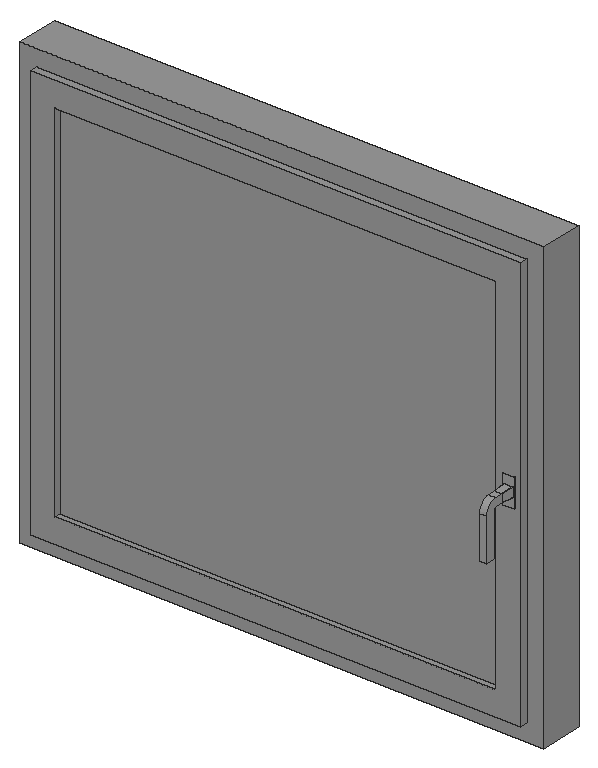
Revit family "Lian - Firestop", category Windows, host Wall, Revit 2017
Family settings
  Host = Wall
  Always vertical = Yes
  Cut with Voids When Loaded = No
  Shared = No
  Room Calculation Point = No
Parameters
  hosted on bimbear.com® = "www.bimbear.com"
  Width = [02.5 - Window Width]  # 1400 mm
  URL = "http://www.lian.no/"
  Type Image = <None>
  Type Comments = "Wood - Aluminium"
  Rough Width = [02 - Opening Width]  # 1400 mm
  Rough Height = [01 - Opening Height]  # 1200 mm
  Opening Lines = no
  OFS = [07 - Offset] + 1500 mm  # 1500 mm
  Model = "Firestop"
  Manufacturer = "Lian"
  LINES = [02.5 - Window Width] - 200 mm  # 1200 mm
  Height = [01.5 - Window Height]  # 1200 mm
  GAP = [08 - Sealant Gap] * 2  # 0 mm
  Description = "Maximum Dimensions - 490x1490mm"
  Construction Type = ""
  Assembly Code = ""
  Analytic Construction = "<None>"
  AR = [01 - Opening Height] / 100 mm  # 12
  11 - Sound Transmission Class = "45 dB"
  10 - Fire Rating = "EI60"
  08 - Sealant Gap = 0 mm
  07 - Offset = 0 mm
  05.5 - Material Glass = Glass
  05.2 - Material Interior Frame = NCS S 0500-N
  05.1 - Material Exterior Frame = RAL 9018
  02.5 - Window Width = [02 - Opening Width] - GAP  # 1400 mm
  02 - Opening Width = 1400 mm
  01.5 - Window Height = [01 - Opening Height] - GAP  # 1200 mm
  01 - Opening Height = 1200 mm
Reference planes
  plane 1 "Wall": y = 0
  plane 2 "Center (Left/Right)": x = 125
  plane 3 "Back": y = 75
  plane 4: x = -575
  plane 5: z = 1200
  plane 6: x = 825
  plane 7: x = -575
  plane 8: z = 0
  plane 9: x = 825
  plane 10: z = 1200
  plane 11 "VINDU": y = 0
  plane 12: y = -1500
  plane 13: z = 600
Forms (mm)
  Sweep 1, solid, material "RAL 9018" <- "05.1 - Material Exterior Frame"
    path origin (0, 0, 0) x (0, 0, -1) y (-1, 0, 0)
      loop
        line (-1200, 575) -> (-1200, -825) -> (0, -825) -> (0, 575) -> (-1200, 575)
    profile origin (125, 0, 1200) x (0, 0, -1) y (0, 1, 0)
      loop
        line (40.995, -63.084) -> (40.995, 0) -> (55, 0) -> (55, 10.5) -> (0, 10.5) -> (0, -105) -> (44.73, -105) -> (44.73, -126.25) -> (110.696, -126.25) -> (110.696, -109.774) -> (92.458, -109.774) -> (92.458, -63.084) -> (55, -63.084) -> (40.995, -63.084)
  Extrusion 2, solid, material "NCS S 0500-N" <- "05.2 - Material Interior Frame"
    sketch origin (125, 0, 0) x (0, 1, 0) y (0, 0, 1)
      loop
        line (-94.291, 1107.542) -> (-109.774, 1107.542) -> (-109.774, 92.458) -> (-94.291, 92.458) -> (-94.291, 1107.542)
    from -607.542 to 607.542
  Extrusion 3, solid, material "RAL 9018" <- "05.1 - Material Exterior Frame"
    sketch origin (125, 94.291, 0) x (0, 1, 0) y (0, 0, 1)
      loop
        line (-94.291, 1159.005) -> (-109.774, 1159.005) -> (-109.774, 41.858) -> (-94.291, 41.858) -> (-94.291, 1159.005)
    from -659.005 to 659.005
  Extrusion 4, solid
    sketch origin (0, 0, 0) x (0, 0, -1) y (-1, 0, 0)
      loop
        line (-1145, -770) -> (-55, -770) -> (-55, 520) -> (-1145, 520) -> (-1145, -770)
    from 0 to 1
Lines and regions (mm)
  Opening 1
    outline origin (-5000, -75, 0) x (1, 0, 0) y (0, 0, 1)
      loop
        line (5825, 1200) -> (4425, 1200) -> (4425, 0) -> (5825, 0) -> (5825, 1200)
  Masking region 1
    outline origin (125, 0, 0) x (0, 1, 0) y (0, 0, 1)
      loop
        line (-109.774, 1107.542) -> (-109.774, 92.458) -> (-94.291, 92.458) -> (-94.291, 1107.542) -> (-109.774, 1107.542)
  Masking region 2
    outline origin (125, 94.291, -18.238) x (0, 1, 0) y (0, 0, 1)
      loop
        line (-109.774, 1177.243) -> (-109.774, 60.095) -> (-94.291, 60.095) -> (-94.291, 1177.243) -> (-109.774, 1177.243)
  Split face 1
    outline origin (0, 1, 0) x (0, 0, -1) y (-1, 0, 0)
      loop
        line (-1075, -700) -> (-125, -700) -> (-125, 450) -> (-1075, 450) -> (-1075, -700)
  Masking region 3, detail levels medium+fine
    outline origin (0, -1.281, 0) x (1, 0, 0) y (0, 1, 0)
      loop
        line (-482.542, -88.493) -> (-482.542, -108.493) -> (732.542, -108.493) -> (732.542, -88.493) -> (-482.542, -88.493)
  Masking region 4, detail levels medium+fine
    outline origin (0, 88.493, 0) x (1, 0, 0) y (0, 1, 0)
      loop
        line (-534.005, -88.493) -> (-534.005, -108.493) -> (784.005, -108.493) -> (784.005, -88.493) -> (-534.005, -88.493)
  symbolic lines, detail levels coarse
    curve 1: line (-575, 0, 0) -> (825, 0, 0)
    curve 2: line (125, 0, 1200) -> (125, 0, 0)
  symbolic lines, style "OpeningLine", visible <- "Opening Lines"
    curve 3: line (780.27, 0, 600) -> (-530.27, 0, 1155.27)
    curve 4: line (780.27, 0, 600) -> (-530.27, 0, 44.73)
Text (mm)
  text "Placement Side" at (-1848.837, 1116.779, 0), in view "Ref. Level"
  text "Placement side" at (0, 1409.804, 2854.306), in view "Left"
  text "Placement side" at (0, 499.811, 2980.732), in view "Right"
Dimensions and locks
  locked: plane 3 "Back" to host wall
  equal spacing: plane 6, plane 2 "Center (Left/Right)", plane 4
  "Rough Width": plane 6 to plane 4
  "Rough Height": level to plane 5
  "08 - Sealant Gap": plane 4 to plane 7
  "08 - Sealant Gap": plane 10 to plane 5
  "08 - Sealant Gap": plane 6 to plane 9
  "08 - Sealant Gap": level to plane 8
  plane 1 "Wall" to plane 12 = 1500 mm
  "OFS": plane 11 "VINDU" to plane 12
  equal spacing: plane 5, plane 13, level
  plane 11 "VINDU" to Masking region 1 sketch curve to Masking region 1 sketch curve = 94.291 mm locked, 15.482 mm locked
  locked: Masking region 2 sketch curve to Masking region 2 sketch curve at 15.482
  locked: plane 11 "VINDU" to Masking region 2 at 15.482
  locked: Masking region 2 to plane 8 at 41.858
  locked: Masking region 2 to plane 10 at 40.995
  locked: plane 8 to Extrusion 2 sketch curve at 92.458
  locked: Extrusion 2 sketch curve to plane 10 at 92.458
  plane 11 "VINDU" to Extrusion 2 sketch curve to Extrusion 2 sketch curve = 94.291 mm locked, 15.482 mm locked
  locked: plane 7 to Extrusion 2 at 92.458
  locked: Extrusion 2 to plane 9 at 92.458
  locked: Extrusion 3 sketch curve to Extrusion 3 sketch curve at 15.482
  locked: plane 11 "VINDU" to Extrusion 3 at 15.482
  locked: Extrusion 3 to plane 9 at 40.995
  locked: plane 7 to Extrusion 3 at 40.995
  locked: nested 4 to plane 9 at 75.512
  locked: plane 10 to Extrusion 3 at 40.995
  locked: plane 8 to Extrusion 3 at 41.858
  plane 7 to plane 9 = 1400 mm
  locked: Extrusion 4 to plane 11 "VINDU" at 1
  locked: plane 7 to Split face 1 sketch curve at 125
  locked: plane 8 to Split face 1 sketch curve at 125
  locked: plane 9 to Split face 1 sketch curve at 125
  locked: Split face 1 sketch curve to plane 10 at 125
  plane 11 "VINDU" to Masking region 3 to Masking region 3 = 89.774 mm, 20 mm
  locked: Masking region 3 to plane 9 at 92.458
  locked: plane 7 to Masking region 3 at 92.458
  plane 11 "VINDU" to Masking region 3 to Masking region 3 = 89.774 mm locked, 20 mm locked
  locked: Masking region 4 to Masking region 4 at 20
  locked: plane 11 "VINDU" to Masking region 4 at 20
  locked: Masking region 4 to plane 9 at 40.995
  locked: plane 7 to Masking region 4 at 40.995
  aligned and locked: plane 1 "Wall" to host wall
  aligned and locked: plane 5 to Opening 1 sketch curve
  aligned and locked: Opening 1 sketch curve to plane 6
  aligned and locked: level to Opening 1 sketch curve
  aligned and locked: Opening 1 sketch curve to plane 4
  aligned and locked: nested 2 to plane 7
  aligned and locked: plane 6 to curve 1
  aligned and locked: plane 4 to curve 1
  aligned and locked: curve 1 to plane 11 "VINDU"
  aligned and locked: plane 9 to nested 3
  aligned and locked: plane 10 to curve 2
  aligned and locked: plane 8 to curve 2
  aligned and locked: plane 11 "VINDU" to curve 2
  aligned and locked: nested 3 to plane 11 "VINDU"
  aligned and locked: plane 11 "VINDU" to nested 1
  aligned and locked: Sweep 1 sketch curve to plane 7
  aligned and locked: plane 11 "VINDU" to nested 2
  aligned and locked: nested 1 to plane 10
  aligned and locked: plane 8 to nested 5
  aligned and locked: plane 11 "VINDU" to nested 5
  aligned and locked: Masking region 1 sketch curve to nested 1
  aligned and locked: nested 5 to Masking region 1 sketch curve
  aligned and locked: Masking region 2 to plane 11 "VINDU"
  aligned and locked: Sweep 1 sketch curve to nested 1  (x3)
  aligned and locked: plane 11 "VINDU" to Extrusion 3
  aligned and locked: nested 4 to plane 13
  aligned and locked: Sweep 1 to curve 4
  aligned and locked: Sweep 1 to curve 3  (x2)
  aligned and locked: Extrusion 4 sketch curve to Sweep 1  (x4)
  aligned and locked: Extrusion 4 to plane 11 "VINDU"
  aligned and locked: plane 11 "VINDU" to Masking region 4
Automatic sketch dimensions
  curve 4 to plane 13 = 0 mm
  curve 4 to plane 7 = 44.73 mm
  curve 3 to plane 7 = 44.73 mm
  Sweep 1 sketch curve to plane 9 = 0 mm
  Sweep 1 sketch curve to plane 10 = 0 mm
  Sweep 1 sketch curve to plane 8 = 0 mm
  Sweep 1 sketch curve to plane 11 "VINDU" = 0 mm
  Sweep 1 sketch curve to profile plane = 40.995 mm
  Sweep 1 sketch curve to profile plane = 44.73 mm
  Sweep 1 sketch curve to Sweep 1 sketch curve = 14.005 mm  (x2)
  Sweep 1 sketch curve to Sweep 1 sketch curve = 63.084 mm
  Sweep 1 sketch curve to Sweep 1 sketch curve = 41.916 mm
  Sweep 1 sketch curve to Sweep 1 sketch curve = 46.689 mm
  Sweep 1 sketch curve to Sweep 1 sketch curve = 16.476 mm
  plane 11 "VINDU" to Sweep 1 sketch curve = 10.5 mm
  Masking region 2 sketch curve to plane 11 "VINDU" = 0 mm
  Masking region 2 sketch curve to plane 8 = 41.858 mm
  Masking region 2 sketch curve to plane 10 = 40.995 mm
  Extrusion 3 sketch curve to plane 11 "VINDU" = 0 mm
  Extrusion 3 sketch curve to plane 8 = 41.858 mm
  Extrusion 3 sketch curve to plane 10 = 40.995 mm
  Masking region 3 sketch curve to plane 7 = 92.458 mm
  Masking region 3 sketch curve to plane 9 = 92.458 mm
  Masking region 3 sketch curve to plane 11 "VINDU" = 109.774 mm
  Masking region 3 sketch curve to Masking region 3 sketch curve = 20 mm
  Masking region 4 sketch curve to plane 11 "VINDU" = 0 mm
  Masking region 4 sketch curve to plane 11 "VINDU" = 20 mm
  Masking region 4 sketch curve to plane 7 = 40.995 mm
  Masking region 4 sketch curve to plane 9 = 40.995 mm
Nested families
  nested 1: "BS-A-03-09" at (825, 0, 1200) x (0, 1, 0) z (1, 0, 0), type "BS-A-03-09"
  nested 2: "BS-A-03-09" at (-575, 0, 0) x (0, 1, 0) z (0, 0, 1), type "BS-A-03-09"
  nested 3: "BS-A-03-09" at (825, 0, 0) x (0, 1, 0) z (0, 0, 1), type "BS-A-03-09"
  nested 4: "Håndtak" at (749.488, -126.25, 600) x (0, 0, -1) z (0, -1, 0), type "Håndtak"
  nested 5: "BS-A-06" at (125, 0, 0) x (0, 1, 0) z (1, 0, 0), type "BS-A-06"
Definition of nested family "Håndtak"
  Parameters (values of type "Håndtak")
    Default Elevation = 1219.2 mm
  Reference planes
    plane 1 "Center (Front/Back)": y = 0
    plane 2: z = 0
    plane 3 "Center (Left/Right)": x = 0
  Forms (mm)
    Extrusion 1, solid
      sketch origin (0, 0, 0) x (1, 0, 0) y (0, 1, 0)
        loop
          line (-1219.2, 1219.2) -> (-1219.2, -1219.2) -> (1219.2, -1219.2) -> (1219.2, 1219.2) -> (-1219.2, 1219.2)
      from 0 to -304.8
    Blend 2, solid
      base sketch origin (0, 0, 0) x (1, 0, 0) y (0, 1, 0)
        loop
          arc (14, 9.662) -> (13.169, 11.669) -> (11.162, 12.5) r 2.838
          line (11.162, 12.5) -> (-11.162, 12.5)
          arc (-11.162, 12.5) -> (-13.169, 11.669) -> (-14, 9.662) r 2.838
          line (-14, 9.662) -> (-14, -9.662)
          arc (-14, -9.662) -> (-13.169, -11.669) -> (-11.162, -12.5) r 2.838
          line (-11.162, -12.5) -> (11.162, -12.5)
          arc (11.162, -12.5) -> (13.169, -11.669) -> (14, -9.662) r 2.838
          line (14, -9.662) -> (14, 9.662)
      top sketch origin (0, 0, 0) x (1, 0, 0) y (0, 1, 0)
        loop
          line (11, 9.5) -> (-11, 9.5) -> (-11, -9.5) -> (11, -9.5) -> (11, 9.5)
      from 0 to 35.908
    Sweep 3, solid
      path origin (0, 0, 0) x (1, 0, 0) y (0, 0, 1)
        loop
          line (0, 35.908) -> (0, 55.908)
          arc (0, 55.908) -> (5.858, 70.05) -> (20, 75.908) r 20
          line (20, 75.908) -> (133, 75.908)
      profile origin (0, 0, 45.908) x (-1, 0, 0) y (0, -1, 0)
        loop
          line (-11, -9.5) -> (11, -9.5) -> (11, 9.5) -> (-11, 9.5) -> (-11, -9.5)
    Extrusion 4, solid
      sketch origin (0, 0, 0) x (1, 0, 0) y (0, 1, 0)
        loop
          line (-36.932, 15.592) -> (-36.932, -15.658) -> (38.068, -15.658) -> (38.068, 15.592) -> (-36.932, 15.592)
      from 0 to 2.754
  Cuts and joins
    joined: Blend 2, Sweep 3, Extrusion 4
  Dimensions and locks
    aligned and locked: plane 2 to Extrusion 1
    aligned and locked: level to Extrusion 1
Definition of nested family "BS-A-03-09"
  Reference planes
    plane 1 "Center (Front/Back)": y = 0
    plane 2: z = 0
    plane 3 "Center (Left/Right)": x = 0
  Lines and regions (mm)
    Filled region 1, type "Solid Fill - Black", in view "Ref. Level", detail levels fine
      outline origin (-1.58, 24.424, 0) x (0, 1, 0) y (-1, 0, 0)
        loop
          line (-71.113, -7.237) -> (-71.069, -6.175) -> (-70.717, -4.655) -> (-68.868, -4.605) -> (-67.509, -1.69) -> (-68.966, -2.855) -> (-71.921, -2.841) -> (-73.92, -1.68) -> (-73.689, -2.855) -> (-78.891, -2.832) -> (-80.365, -1.655) -> (-78.839, -4.655) -> (-72.978, -4.737) -> (-72.682, -6.246) -> (-72.682, -7.237) -> (-73.397, -6.903) -> (-72.893, -7.69) -> (-71.897, -8.155) -> (-70.836, -7.66) -> (-70.397, -6.903) -> (-71.113, -7.237)
    Masking region 1, in view "Ref. Level", detail levels medium
      outline origin (-16, -43.003, 0) x (1, 0, 0) y (0, 1, 0)
        loop
          line (-110.25, -1.727) -> (-110.25, -67.693) -> (-93.774, -67.693) -> (-93.774, -49.455) -> (-47.084, -49.455) -> (-47.084, -11.997) -> (-89, -11.997) -> (-89, -1.727) -> (-110.25, -1.727)
    Masking region 2, in view "Ref. Level", detail levels fine
      outline origin (-13.368, 2.05, 0) x (1, 0, 0) y (0, 1, 0)
        loop
          line (23.868, -2.949) -> (22.568, -2.949) -> (22.568, -6.954) -> (20.689, -6.954) -> (20.689, -2.949) -> (19.304, -2.949) -> (19.304, -6.954) -> (15.41, -6.954) -> (15.41, -8.258) -> (22.568, -8.258) -> (22.568, -14.541) -> (15.368, -14.541) -> (15.368, -17.046) -> (16.604, -17.046) -> (17.448, -15.841) -> (19.362, -15.841) -> (19.362, -16.847) -> (20.379, -16.847) -> (20.379, -15.841) -> (22.568, -15.841) -> (22.568, -29.641) -> (21.27, -29.641) -> (21.27, -28.775) -> (20.268, -28.775) -> (20.268, -29.641) -> (17.448, -29.641) -> (16.681, -28.546) -> (15.368, -28.546) -> (15.368, -30.941) -> (22.568, -30.941) -> (22.568, -53.768) -> (18.557, -54.261)
          arc (18.557, -54.261) -> (17.808, -53.688) -> (18.363, -52.926) r 0.674
          arc (18.363, -52.926) -> (21.231, -49.238) -> (17.792, -46.074) r 3.45
          line (17.792, -46.074) -> (16.992, -46.074)
          arc (16.992, -46.074) -> (16.639, -46.22) -> (16.492, -46.574) r 0.5
          line (16.492, -46.574) -> (16.492, -48.224) -> (17.79, -48.224) -> (17.79, -47.374)
          arc (17.79, -47.374) -> (19.942, -49.523) -> (17.791, -51.674) r 2.15
          line (17.791, -51.674) -> (17.791, -50.824) -> (16.492, -50.824) -> (16.492, -55.824) -> (23.868, -54.918) -> (23.868, -2.949)
    Masking region 3, in view "Ref. Level", detail levels fine
      outline origin (-28.992, 0.054, 0) x (1, 0, 0) y (0, 1, 0)
        loop
          line (35.792, -23.7) -> (32.092, -25.9) -> (33.099, -27.337) -> (37.792, -24.55) -> (37.792, -17.05) -> (33.099, -14.263) -> (32.092, -15.7) -> (35.792, -17.9) -> (35.792, -23.7)
    Masking region 4, in view "Ref. Level", detail levels fine
      outline origin (-28.992, -41.546, 0) x (0, -1, 0) y (1, 0, 0)
        loop
          line (-18.9, 34.492) -> (-18.9, 28.992) -> (-11.45, 28.992) -> (-11.45, 30.992) -> (-15.05, 30.992) -> (-15.05, 32.432) -> (-15.902, 32.432) -> (-17.127, 34.492) -> (-18.9, 34.492)
    Masking region 5, in view "Ref. Level", detail levels fine
      outline origin (-28.992, 0.054, 0) x (1, 0, 0) y (0, 1, 0)
        loop
          line (28.992, -18.92) -> (28.992, -22.7) -> (35.792, -22.7) -> (35.792, -18.92) -> (28.992, -18.92)
    Masking region 6, in view "Ref. Level", detail levels fine
      outline origin (-28.992, 0.054, 0) x (1, 0, 0) y (0, 1, 0)
        loop
          line (34.492, -18.92) -> (34.492, -17.127) -> (32.432, -15.902) -> (32.432, -15.05) -> (30.992, -15.05) -> (30.992, -11.45) -> (28.992, -11.45) -> (28.992, -18.92) -> (34.492, -18.92)
    Filled region 2, type "Solid Fill - Black", in view "Ref. Level", detail levels fine
      outline origin (-113.041, 15.236, 0) x (1, 0, 0) y (0, 1, 0)
        loop
          line (3.041, -78.553) -> (3.541, -80.004) -> (7.038, -77.172) -> (7.038, -76.371) -> (3.541, -79.36) -> (4.029, -77.564) -> (4.029, -74.004)
          arc (4.029, -74.004) -> (4.176, -73.65) -> (4.529, -73.504) r 0.5
          line (4.529, -73.504) -> (7.041, -73.504)
          arc (7.041, -73.504) -> (7.748, -73.211) -> (8.041, -72.504) r 1
          arc (8.041, -72.504) -> (7.636, -67.754) -> (8.041, -63.004) r 28.057
          arc (8.041, -63.004) -> (7.455, -61.59) -> (6.041, -61.004) r 2
          line (6.041, -61.004) -> (3.541, -61.004)
          arc (3.541, -61.004) -> (3.188, -61.15) -> (3.041, -61.504) r 0.5
          line (3.041, -61.504) -> (3.041, -78.553)
    Filled region 3, type "LianTre", in view "Ref. Level", detail levels fine
      outline origin (-31.775, -43.003, 0) x (1, 0, 0) y (0, 1, 0)
        loop
          arc (31.775, 41.003) -> (31.189, 42.417) -> (29.775, 43.003) r 2
          line (29.775, 43.003) -> (1.775, 43.003) -> (1.775, 42.003) -> (-0.225, 42.003)
          arc (-0.225, 42.003) -> (-2.346, 41.124) -> (-3.225, 39.003) r 3
          line (-3.225, 39.003) -> (-3.225, 35.003) -> (-10.225, 35.003) -> (-10.225, 39.003)
          arc (-10.225, 39.003) -> (-11.104, 41.124) -> (-13.225, 42.003) r 3
          line (-13.225, 42.003) -> (-58.225, 42.003) -> (-58.225, 43.003) -> (-71.225, 43.003)
          arc (-71.225, 43.003) -> (-72.639, 42.417) -> (-73.225, 41.003) r 2
          line (-73.225, 41.003) -> (-73.225, 35.003)
          arc (-73.225, 35.003) -> (-72.932, 34.296) -> (-72.225, 34.003) r 1
          line (-72.225, 34.003) -> (-64.225, 34.003) -> (-64.225, 24.003) -> (-73.225, 24.003) -> (-73.225, -9.997)
          arc (-73.225, -9.997) -> (-72.639, -11.411) -> (-71.225, -11.997) r 2
          line (-71.225, -11.997) -> (-32.497, -11.997)
          arc (-32.497, -11.997) -> (-31.657, -11.649) -> (-31.309, -10.809) r 1.188
          line (-31.309, -10.809) -> (-31.309, -6.363) -> (-34.808, -6.363) -> (-34.808, -3.357) -> (-31.309, -3.357) -> (-31.309, 6.003) -> (29.264, 6.003)
          arc (29.264, 6.003) -> (31.039, 6.738) -> (31.775, 8.514) r 2.511
          line (31.775, 8.514) -> (31.775, 41.003)
        loop
          line (-94.475, -3.771) -> (-94.475, -61.717)
          arc (-94.475, -61.717) -> (-93.995, -62.877) -> (-92.836, -63.357) r 1.639
          line (-92.836, -63.357) -> (-91.188, -63.357) -> (-91.188, -65.791)
          arc (-91.188, -65.791) -> (-90.631, -67.136) -> (-89.286, -67.693) r 1.902
          line (-89.286, -67.693) -> (-79.746, -67.693)
          arc (-79.746, -67.693) -> (-78.51, -67.181) -> (-77.999, -65.946) r 1.747
          line (-77.999, -65.946) -> (-77.999, -61.921) -> (-81.803, -61.921) -> (-81.803, -58.881) -> (-77.999, -58.881) -> (-77.999, -49.455) -> (-33.357, -49.455) -> (-33.357, -37.564) -> (-31.062, -37.564) -> (-31.062, -22.203)
          arc (-31.062, -22.203) -> (-31.639, -20.67) -> (-33.083, -19.898) r 2.325
          line (-33.083, -19.898) -> (-71.691, -14.826)
          arc (-71.691, -14.826) -> (-73.463, -15.364) -> (-74.228, -17.051) r 2.245
          line (-74.228, -17.051) -> (-74.228, -21.727) -> (-78.461, -21.727) -> (-78.461, -2.916)
          arc (-78.461, -2.916) -> (-78.81, -2.075) -> (-79.651, -1.727) r 1.189
          line (-79.651, -1.727) -> (-92.43, -1.727)
          arc (-92.43, -1.727) -> (-93.876, -2.326) -> (-94.475, -3.771) r 2.045
    Masking region 7, in view "Ref. Level", detail levels medium
      outline origin (-16, -4.003, 0) x (1, 0, 0) y (0, 1, 0)
        loop
          line (-89, 4.003) -> (-89, -50.997) -> (-47.084, -50.997) -> (-47.084, -36.992) -> (16, -36.992) -> (16, -50.997) -> (26.5, -50.997) -> (26.5, 4.003) -> (-89, 4.003)
Definition of nested family "BS-A-06"
  Reference planes
    plane 1 "Center (Front/Back)": y = 0
    plane 2: z = 0
    plane 3 "Center (Left/Right)": x = 0
  Lines and regions (mm)
    Filled region 1, type "Solid Fill - Black", in view "Ref. Level", detail levels fine
      outline origin (-1.58, -23.33, 0) x (-1, 0, 0) y (0, -1, 0)
        loop
          line (-7.237, -71.113) -> (-6.903, -70.397) -> (-7.66, -70.836) -> (-8.155, -71.897) -> (-7.69, -72.893) -> (-6.903, -73.397) -> (-7.237, -72.682) -> (-6.246, -72.682) -> (-4.737, -72.978) -> (-4.655, -78.839) -> (-1.655, -80.365) -> (-2.832, -78.891) -> (-2.855, -73.689) -> (-1.68, -73.92) -> (-2.841, -71.921) -> (-2.855, -68.966) -> (-1.69, -67.509) -> (-4.605, -68.868) -> (-4.655, -70.717) -> (-6.175, -71.069) -> (-7.237, -71.113)
    Masking region 1, in view "Ref. Level", detail levels medium
      outline origin (-16, 43.003, 0) x (0, -1, 0) y (1, 0, 0)
        loop
          line (-1.727, -110.25) -> (-1.727, -89) -> (-11.997, -89) -> (-11.997, -47.084) -> (-49.455, -47.084) -> (-49.455, -93.774) -> (-67.693, -93.774) -> (-67.693, -110.25) -> (-1.727, -110.25)
    Masking region 2, in view "Ref. Level", detail levels fine
      outline origin (-13.368, -0.957, 0) x (0, -1, 0) y (1, 0, 0)
        loop
          line (-2.949, 23.868) -> (-54.918, 23.868) -> (-55.824, 16.492) -> (-50.824, 16.492) -> (-50.824, 17.791) -> (-51.674, 17.791)
          arc (-51.674, 17.791) -> (-49.523, 19.942) -> (-47.374, 17.79) r 2.15
          line (-47.374, 17.79) -> (-48.224, 17.79) -> (-48.224, 16.492) -> (-46.574, 16.492)
          arc (-46.574, 16.492) -> (-46.22, 16.639) -> (-46.074, 16.992) r 0.5
          line (-46.074, 16.992) -> (-46.074, 17.792)
          arc (-46.074, 17.792) -> (-49.238, 21.231) -> (-52.926, 18.363) r 3.45
          arc (-52.926, 18.363) -> (-53.688, 17.808) -> (-54.261, 18.557) r 0.674
          line (-54.261, 18.557) -> (-53.768, 22.568) -> (-30.941, 22.568) -> (-30.941, 15.368) -> (-28.546, 15.368) -> (-28.546, 16.681) -> (-29.641, 17.448) -> (-29.641, 20.268) -> (-28.775, 20.268) -> (-28.775, 21.27) -> (-29.641, 21.27) -> (-29.641, 22.568) -> (-15.841, 22.568) -> (-15.841, 20.379) -> (-16.847, 20.379) -> (-16.847, 19.362) -> (-15.841, 19.362) -> (-15.841, 17.448) -> (-17.046, 16.604) -> (-17.046, 15.368) -> (-14.541, 15.368) -> (-14.541, 22.568) -> (-8.258, 22.568) -> (-8.258, 15.41) -> (-6.954, 15.41) -> (-6.954, 19.304) -> (-2.949, 19.304) -> (-2.949, 20.689) -> (-6.954, 20.689) -> (-6.954, 22.568) -> (-2.949, 22.568) -> (-2.949, 23.868)
    Masking region 3, in view "Ref. Level", detail levels fine
      outline origin (-28.992, 1.04, 0) x (0, -1, 0) y (1, 0, 0)
        loop
          line (-23.7, 35.792) -> (-17.9, 35.792) -> (-15.7, 32.092) -> (-14.263, 33.099) -> (-17.05, 37.792) -> (-24.55, 37.792) -> (-27.337, 33.099) -> (-25.9, 32.092) -> (-23.7, 35.792)
    Masking region 4, in view "Ref. Level", detail levels fine
      outline origin (-28.992, 42.64, 0) x (1, 0, 0) y (0, 1, 0)
        loop
          line (34.492, -18.9) -> (34.492, -17.127) -> (32.432, -15.902) -> (32.432, -15.05) -> (30.992, -15.05) -> (30.992, -11.45) -> (28.992, -11.45) -> (28.992, -18.9) -> (34.492, -18.9)
    Masking region 5, in view "Ref. Level", detail levels fine
      outline origin (-28.992, 1.04, 0) x (0, -1, 0) y (1, 0, 0)
        loop
          line (-18.92, 28.992) -> (-18.92, 35.792) -> (-22.7, 35.792) -> (-22.7, 28.992) -> (-18.92, 28.992)
    Masking region 6, in view "Ref. Level", detail levels fine
      outline origin (-28.992, 1.04, 0) x (0, -1, 0) y (1, 0, 0)
        loop
          line (-18.92, 34.492) -> (-18.92, 28.992) -> (-11.45, 28.992) -> (-11.45, 30.992) -> (-15.05, 30.992) -> (-15.05, 32.432) -> (-15.902, 32.432) -> (-17.127, 34.492) -> (-18.92, 34.492)
    Filled region 2, type "Solid Fill - Black", in view "Ref. Level", detail levels fine
      outline origin (-113.041, -15.236, 0) x (0, -1, 0) y (1, 0, 0)
        loop
          line (-78.553, 3.041) -> (-61.504, 3.041)
          arc (-61.504, 3.041) -> (-61.15, 3.188) -> (-61.004, 3.541) r 0.5
          line (-61.004, 3.541) -> (-61.004, 6.041)
          arc (-61.004, 6.041) -> (-61.59, 7.455) -> (-63.004, 8.041) r 2
          arc (-63.004, 8.041) -> (-67.754, 7.636) -> (-72.504, 8.041) r 28.057
          arc (-72.504, 8.041) -> (-73.211, 7.748) -> (-73.504, 7.041) r 1
          line (-73.504, 7.041) -> (-73.504, 4.529)
          arc (-73.504, 4.529) -> (-73.65, 4.176) -> (-74.004, 4.029) r 0.5
          line (-74.004, 4.029) -> (-77.564, 4.029) -> (-79.36, 3.541) -> (-76.371, 7.038) -> (-77.172, 7.038) -> (-80.004, 3.541) -> (-78.553, 3.041)
    Filled region 3, type "LianTre", in view "Ref. Level", detail levels fine
      outline origin (-31.775, 43.003, 0) x (0, -1, 0) y (1, 0, 0)
        loop
          arc (43.003, 11.033) -> (42.429, 12.419) -> (41.043, 12.993) r 1.96
          line (41.043, 12.993) -> (28.995, 12.993) -> (28.995, 17.016) -> (36.347, 17.016) -> (39.843, 29.209)
          arc (39.843, 29.209) -> (39.516, 30.974) -> (37.909, 31.775) r 2.012
          line (37.909, 31.775) -> (15.393, 31.775)
          arc (15.393, 31.775) -> (14.162, 31.308) -> (13.548, 30.143) r 1.859
          line (13.548, 30.143) -> (6.003, -31.309) -> (-3.357, -31.309) -> (-3.357, -34.808) -> (-6.363, -34.808) -> (-6.363, -31.309) -> (-10.809, -31.309)
          arc (-10.809, -31.309) -> (-11.649, -31.657) -> (-11.997, -32.497) r 1.188
          line (-11.997, -32.497) -> (-11.997, -71.225)
          arc (-11.997, -71.225) -> (-11.411, -72.639) -> (-9.997, -73.225) r 2
          line (-9.997, -73.225) -> (24.003, -73.225) -> (24.003, -64.225) -> (34.003, -64.225) -> (34.003, -72.225)
          arc (34.003, -72.225) -> (34.296, -72.932) -> (35.003, -73.225) r 1
          line (35.003, -73.225) -> (41.003, -73.225)
          arc (41.003, -73.225) -> (42.417, -72.639) -> (43.003, -71.225) r 2
          line (43.003, -71.225) -> (43.003, -58.225) -> (42.003, -58.225) -> (42.003, -13.225)
          arc (42.003, -13.225) -> (41.124, -11.104) -> (39.003, -10.225) r 3
          line (39.003, -10.225) -> (35.003, -10.225) -> (35.003, -3.225) -> (39.003, -3.225)
          arc (39.003, -3.225) -> (41.124, -2.346) -> (42.003, -0.225) r 3
          line (42.003, -0.225) -> (42.003, 1.775) -> (43.003, 1.775) -> (43.003, 11.033)
        loop
          arc (-3.771, -94.475) -> (-2.326, -93.876) -> (-1.727, -92.43) r 2.045
          line (-1.727, -92.43) -> (-1.727, -79.651)
          arc (-1.727, -79.651) -> (-2.075, -78.81) -> (-2.916, -78.461) r 1.189
          line (-2.916, -78.461) -> (-21.727, -78.461) -> (-21.727, -74.228) -> (-17.051, -74.228)
          arc (-17.051, -74.228) -> (-15.364, -73.463) -> (-14.826, -71.691) r 2.245
          line (-14.826, -71.691) -> (-19.898, -33.083)
          arc (-19.898, -33.083) -> (-20.67, -31.639) -> (-22.203, -31.062) r 2.325
          line (-22.203, -31.062) -> (-37.564, -31.062) -> (-37.564, -33.357) -> (-49.455, -33.357) -> (-49.455, -77.999) -> (-58.881, -77.999) -> (-58.881, -81.803) -> (-61.921, -81.803) -> (-61.921, -77.999) -> (-65.946, -77.999)
          arc (-65.946, -77.999) -> (-67.181, -78.51) -> (-67.693, -79.746) r 1.747
          line (-67.693, -79.746) -> (-67.693, -89.286)
          arc (-67.693, -89.286) -> (-67.136, -90.631) -> (-65.791, -91.188) r 1.902
          line (-65.791, -91.188) -> (-63.357, -91.188) -> (-63.357, -92.836)
          arc (-63.357, -92.836) -> (-62.877, -93.995) -> (-61.717, -94.475) r 1.639
          line (-61.717, -94.475) -> (-3.771, -94.475)
    Masking region 7, in view "Ref. Level", detail levels medium
      outline origin (-16, 4.003, 0) x (0, -1, 0) y (1, 0, 0)
        loop
          line (4.003, -89) -> (4.003, 26.5) -> (-50.997, 26.5) -> (-50.997, 16) -> (-37.855, 16) -> (-37.855, -47.084) -> (-50.997, -47.084) -> (-50.997, -89) -> (4.003, -89)
